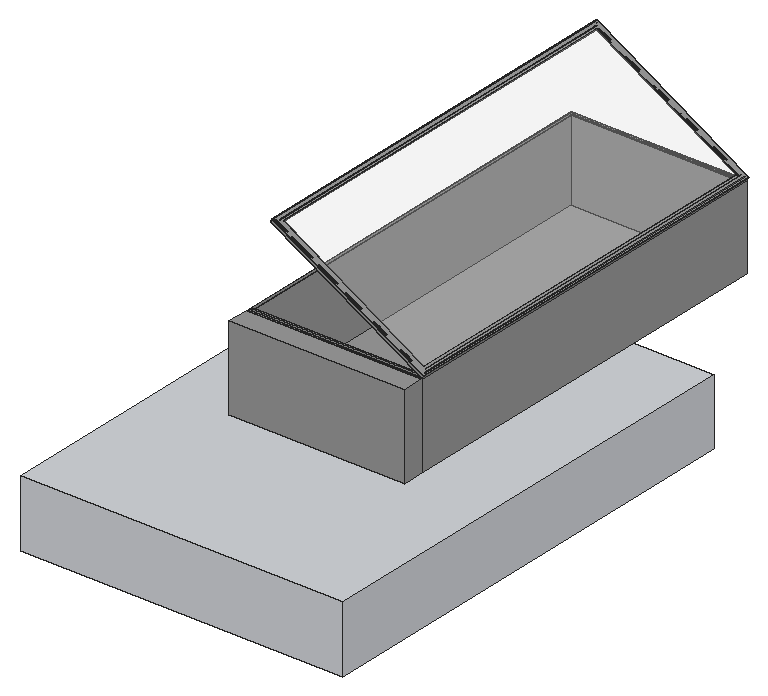
Revit family "Hager-Univers-IP55-D400-H1950-Cl.II-Steel_encl-BE-en", category Equipement électrique, Revit 2020
Family settings
  Hôte = Face
  Configuration du panneau = Deux colonnes, circuits au sein
  Cote de connecteur circulaire = Utiliser le diamètre
  Type d'élément = Tableau de raccordement
  Couper avec des vides une fois chargée = Non
  Partagée = Non
  Point de calcul de pièce = Non
Parameters (values of type "Floor installation IP55 W800 H1950 D400  - FR23U1")
  Width Control [instance] = if([EF000008 - Width] > Min Width, [EF000008 - Width], Min Width)  # 800 mm
  Commentaires du type = [HG000003 - Range]  # "Univers"
  Thickness Door [instance] = if([EF009171 - Material plate thickness door/cover] > 3 mm, 3 mm, [EF009171 - Material plate thickness door/cover])  # 1.5 mm
  Seal Frame Offset [instance] = 17 mm  # constant formula
  Plinth Visibility [instance] = [HG000027 - Plinth height] > 0 mm  # yes
  Model = ""
  Min Width [instance] = 100 mm  # constant formula
  Min Height [instance] = 100 mm  # constant formula
  Min Depth [instance] = (2 * [EF009170 - Material plate thickness cabinet]) + 1 mm  # 4 mm
  Internal Frame Depth [instance] = (Door System Depth * 0.5)  # 9 mm
  Height Control [instance] = if([EF000040 - Height] > Min Height, [EF000040 - Height], Min Height)  # 1950 mm
  HG000027 - Plinth height = 100 mm
  HG000026 - Floor standing = yes
  HG000024 - Bottom section height = 800 mm
  HG000023 - Double section enclosure = no
  HG000016 - Door 3d visibility [instance] = yes
  HG000015 - Clearance visibility [instance] = no
  HG000014 - Door on the right [instance] = yes
  HG000013 - Door on the left [instance] = not([HG000014 - Door on the right])  # no
  HG000012 - Door swing angle [instance] = 30.00°
  HG000010 - Asymmetric doors = no
  HG000009 - Double swing door = no
  HG000006 - Flush mounted = no
  HG000004 - Manufacturer reference = "FR23U1"
  HG000003 - Range = "Univers"
  HG000002 - With door or cover = yes
  Frame Offset Bottom [instance] = 10 mm  # constant formula
  Frame Offset [instance] = 15 mm  # constant formula
  EF015940 - Cover with overpressure release = no
  EF011959 - Degree of protection (NEMA) = ""
  EF009554 - Number of openings for flange plates = 6
  EF009212 - Cover model = "EV000116 - Closed"
  EF009171 - Material plate thickness door/cover = 1.5 mm
  EF009170 - Material plate thickness cabinet = 1.5 mm
  Fabricant = "Hager"  # constant formula
  EF008873 - Nominal current (In) = 800 A
  EF007800 - Suitable for lightning protection = no
  EF006306 - With lock = no
  EF006244 - Transparent cover/door = yes
  EF005474 - Degree of protection (IP) = "EV006420 - IP55"
  EF004464 - Type of door = "EV002646 - Single"
  EF004427 - Number of modules = 432
  EF004293 - Impact strength = "EV008784 - IK10"
  EF003532 - Suitable for outdoor use = no
  EF002950 - Width in number of modular spacings = 24
  EF001613 - Circuit integrity = "EV000494 - None"
  EF001596 - Material housing = "EV000179 - Steel"
  EF001131 - Internal depth = 400 mm
  EF001088 - Extension possible = yes
  EF000437 - Number of conduit inlets = 6
  EF000339 - Type of cover = "EV004216 - Door"
  EF000266 - Number of rows = 12
  EF000218 - Built-in depth = 0 mm
  EF000118 - With mounting plate = no
  EF000116 - RAL-number = "7035"
  EF000049 - Depth = 400 mm
  EF000040 - Height = 1950 mm
  EF000008 - Width = 800 mm
  EF000007 - Colour = "EV000270 - Grey"
  EF000003 - Mounting method = "EV012274 - Floor installation"
  Door System Leaf Tolerance [instance] = 1.5 mm  # constant formula
  Door System Depth [instance] = 18 mm  # constant formula
  Door Height [instance] = Height Control - [HG000027 - Plinth height]  # 1850 mm
  Depth Control [instance] = if([EF000049 - Depth] > Min Depth, [EF000049 - Depth], Min Depth)  # 400 mm
  Default Elevation = 0 mm
  Connector Offset [instance] = Height Control / 2  # 975 mm
  Bottom Top Plate Trim [instance] = 1.5 mm  # constant formula
  Plinth height Ctrl [instance] = if([HG000027 - Plinth height] > 0 mm, [HG000027 - Plinth height], 12 mm)  # 100 mm
Types (11, lengths in mm): name | Width Control | HG000010 - Asymmetric doors | HG000009 - Double swing door | HG000004 - Manufacturer reference | EF009554 - Number of openings for flange plates | EF006244 - Transparent cover/door | EF004464 - Type of door | EF004427 - Number of modules | EF000437 - Number of conduit inlets | EF000008 - Width
  Floor installation IP55 W1050 H1950 D400  - FR24H1 | 1050 | yes | yes | "FR24H1" | 8 | no | "EV003602 - Double" | 576 | 8 | 1050
  Floor installation IP55 W1050 H1950 D400  - FR24U1 | 1050 | yes | yes | "FR24U1" | 8 | yes | "EV003602 - Double" | 576 | 8 | 1050
  Floor installation IP55 W1300 H1950 D400  - FR25H1 | 1300 | yes | yes | "FR25H1" | 10 | no | "EV003602 - Double" | 720 | 10 | 1300
  Floor installation IP55 W1300 H1950 D400  - FR25U1 | 1300 | yes | yes | "FR25U1" | 10 | yes | "EV003602 - Double" | 720 | 10 | 1300
  Floor installation IP55 W1550 H1950 D400  - FR26H1 | 1550 | yes | yes | "FR26H1" | 12 | no | "EV003602 - Double" | 864 | 12 | 1550
  Floor installation IP55 W1550 H1950 D400  - FR26U1 | 1550 | yes | yes | "FR26U1" | 12 | yes | "EV003602 - Double" | 864 | 12 | 1550
  Floor installation IP55 W300 H1950 D400  - FR21H1 | 300 | no | no | "FR21H1" | 2 | no | "EV002646 - Single" | 144 | 2 | 300
  Floor installation IP55 W550 H1950 D400  - FR22H1 | 550 | no | no | "FR22H1" | 4 | no | "EV002646 - Single" | 288 | 4 | 550
  Floor installation IP55 W550 H1950 D400  - FR22U1 | 550 | no | no | "FR22U1" | 4 | yes | "EV002646 - Single" | 288 | 4 | 550
  Floor installation IP55 W800 H1950 D400  - FR23H1 | 800 | no | no | "FR23H1" | 6 | no | "EV002646 - Single" | 432 | 6 | 800
  Floor installation IP55 W800 H1950 D400  - FR23U1 | 800 | no | no | "FR23U1" | 6 | yes | "EV002646 - Single" | 432 | 6 | 800
Reference planes
  plane 1 "Center (Front/Back)": y = 0
  plane 2: z = 0
  plane 3 "Center (Left/Right)": x = 0
  plane 4: z = 400
  plane 5: y = 101.5
  plane 6: y = 1025
  plane 7: y = 100
  plane 8: y = 1950
  plane 9: z = 0
  plane 10: x = -385
  plane 11: x = 385
  plane 12: x = 383.5
  plane 13: x = -383.5
  plane 14: y = 1948.5
  plane 15: x = -383
  plane 16: x = -400
  plane 17: x = 383
  plane 18: x = 400
  plane 19: x = 398.5
  plane 20: x = -398.5
  plane 21: y = 111.5
  plane 22: y = 1950
  plane 23: y = 1933.5
  plane 24: z = 382
  plane 25: z = 1.5
  plane 26: z = 380.5
  plane 27: z = 398.5
Forms (mm)
  Extrusion 1, solid
    sketch origin (0, 0, 0) x (1, 0, 0) y (0, 1, 0)
      loop
        line (-702.964, 1305) -> (-702.964, -811.445) -> (766.763, -811.445) -> (766.763, 1305) -> (-702.964, 1305)
    from 0 to -304.8
  Extrusion 2, solid, material "Hager_Steel_RAL7035_Light_Grey", visible <- "Plinth Visibility", detail levels medium+fine
    sketch origin (0, 0, 0) x (1, 0, 0) y (0, 1, 0)
      loop
        line (-400, 0) -> (400, 0) -> (400, 100) -> (-400, 100) -> (-400, 0)
    from 0 to 382
  Extrusion 3, solid, material "Hager_Steel_RAL7035_Light_Grey", detail levels medium+fine
    sketch origin (0, 0, 0) x (1, 0, 0) y (0, 1, 0)
      loop
        line (-400, 100) -> (400, 100) -> (400, 1950) -> (-400, 1950) -> (-400, 100)
    from 0 to 382
  Extrusion 4, void
    sketch origin (0, 0, 0) x (1, 0, 0) y (0, 1, 0)
      loop
        line (-398.5, 101.5) -> (398.5, 101.5) -> (398.5, 1948.5) -> (-398.5, 1948.5) -> (-398.5, 101.5)
    from 1.5 to 380.5
  Extrusion 5, void
    sketch origin (-381.607, -4572, 382) x (0, -1, 0) y (-1, 0, 0)
      loop
        line (-4683.5, 1.893) -> (-6505.5, 1.893) -> (-6505.5, -765.107) -> (-4683.5, -765.107) -> (-4683.5, 1.893)
    from 0 to 1.5 <- "EF009170 - Material plate thickness cabinet"
  Extrusion 6, solid, material "Hager_Steel_RAL7035_Light_Grey", detail levels fine
    sketch origin (0, 0, 382) x (1, 0, 0) y (0, 1, 0)
      loop
        line (-383.5, 1933.5) -> (-383.5, 111.5) -> (383.5, 111.5) -> (383.5, 1933.5) -> (-383.5, 1933.5)
      loop
        line (-385, 110) -> (385, 110) -> (385, 1935) -> (-385, 1935) -> (-385, 110)
    from 0 to 9 <- "Internal Frame Depth"
  Extrusion 7, solid, material "Hager_Steel_RAL7035_Light_Grey", detail levels coarse
    sketch origin (0, 0, 0) x (1, 0, 0) y (0, 1, 0)
      loop
        line (-400, 0) -> (400, 0) -> (400, 1950) -> (-400, 1950) -> (-400, 0)
    from 0 to 400
  Sweep 8, void
    path in 3D
      loop
        line (-400, 100, 0) -> (400, 100, 0) -> (400, 100, 382) -> (-400, 100, 382) -> (-400, 100, 0)
    profile origin (-400, 100, 191) x (-1, 0, 0) y (0, -1, 0)
      loop
        line (0, 0) -> (0, 1.5) -> (-1.5, 1.5)
        arc (-1.5, 1.5) -> (-1.061, 0.439) -> (0, 0) r 1.5
Cuts and joins
  Extrusion 4, Extrusion 5 cuts Extrusion 3
  Sweep 8 cuts Extrusion 2
Lines and regions (mm)
  Masking region 1
    outline origin (0, 0, 0) x (1, 0, 0) y (0, 0, 1)
      loop
        line (-400, 400) -> (-400, 0) -> (400, 0) -> (400, 400) -> (-400, 400)
  Masking region 2, detail levels medium+fine
    outline origin (0, 140, 0) x (0, 1, 0) y (0, 0, 1)
      loop
        line (-40, 0) -> (1810, 0) -> (1810, 382) -> (-40, 382) -> (-40, 0)
  Masking region 3, not visible, detail levels medium+fine
    outline origin (0, 297.922, 0) x (0, 1, 0) y (0, 0, 1)
      loop
        line (738.578, 0) -> (778.578, 0) -> (778.578, 388.5)
        arc (778.578, 388.5) -> (775.649, 395.571) -> (768.578, 398.5) r 10
        line (768.578, 398.5) -> (738.578, 398.5) -> (738.578, 0)
  Masking region 4, detail levels coarse
    outline origin (0, 0, 180) x (0, 1, 0) y (0, 0, 1)
      loop
        line (0, -180) -> (1950, -180) -> (1950, 220) -> (0, 220) -> (0, -180)
  Masking region 5, visible <- "Plinth Visibility", detail levels medium+fine
    outline origin (0, 52.24, 12.345) x (0, 0, -1) y (0, 1, 0)
      loop
        line (10.845, 47.76) -> (-368.155, 47.76)
        arc (-368.155, 47.76) -> (-368.594, 46.699) -> (-369.655, 46.26) r 1.5
        line (-369.655, 46.26) -> (-369.655, -52.24) -> (12.345, -52.24) -> (12.345, 46.26)
        arc (12.345, 46.26) -> (11.285, 46.699) -> (10.845, 47.76) r 1.5
  Masking region 6, detail levels medium+fine
    outline origin (-381.607, -4572, 382) x (-1, 0, 0) y (0, -1, 0)
      loop
        line (18.393, -6522) -> (18.393, -4672) -> (-781.607, -4672) -> (-781.607, -6522) -> (18.393, -6522)
  Masking region 7, visible <- "Plinth Visibility", detail levels medium+fine
    outline origin (-381.607, -4727, 382) x (-1, 0, 0) y (0, -1, 0)
      loop
        arc (16.893, -4827) -> (17.332, -4825.939) -> (18.393, -4825.5) r 1.5
        line (18.393, -4825.5) -> (18.393, -4727) -> (-781.607, -4727) -> (-781.607, -4825.5)
        arc (-781.607, -4825.5) -> (-780.546, -4825.939) -> (-780.107, -4827) r 1.5
        line (-780.107, -4827) -> (16.893, -4827)
  Masking region 8, detail levels coarse
    outline origin (-442.548, -4669.526, 382) x (-1, 0, 0) y (0, -1, 0)
      loop
        line (-42.548, -6619.526) -> (-42.548, -4669.526) -> (-842.548, -4669.526) -> (-842.548, -6619.526) -> (-42.548, -6619.526)
  sketch lines
    curve 1: line (-400, 100, 382) -> (-400, 100, 0)
    curve 2: line (400, 100, 382) -> (-400, 100, 382)
    curve 3: line (400, 100, 382) -> (400, 100, 0)
    curve 4: line (-400, 100, 0) -> (400, 100, 0)
Dimensions and locks
  "Depth Control": plane 4 to Extrusion 1
  "HG000027 - Plinth height": plane 1 "Center (Front/Back)" to plane 7
  "EF009170 - Material plate thickness cabinet": plane 5 to plane 7
  locked: connector elem to plane 3 "Center (Left/Right)"
  equal spacing: plane 8, plane 6, plane 7
  locked: connector elem to plane 6
  "EF009170 - Material plate thickness cabinet": plane 8 to plane 14
  "EF009170 - Material plate thickness cabinet": plane 10 to plane 13
  "EF009170 - Material plate thickness cabinet": plane 12 to plane 11
  "Frame Offset": plane 20 to plane 13
  "Frame Offset": plane 12 to plane 19
  "EF009170 - Material plate thickness cabinet": plane 16 to plane 20
  "EF009170 - Material plate thickness cabinet": plane 19 to plane 18
  "Seal Frame Offset": plane 16 to plane 15
  "Seal Frame Offset": plane 17 to plane 18
  "Frame Offset Bottom": plane 21 to plane 5
  "Frame Offset": plane 14 to plane 23
  equal spacing: plane 16, plane 3 "Center (Left/Right)", plane 18
  "Width Control": plane 16 to plane 18
  "EF009170 - Material plate thickness cabinet": plane 4 to plane 27
  "EF009170 - Material plate thickness cabinet": plane 24 to plane 26
  "EF009170 - Material plate thickness cabinet": plane 25 to level
  "Door System Depth": plane 4 to plane 24
  "Height Control": plane 1 "Center (Front/Back)" to Extrusion 7 sketch curve
  "Height Control": Masking region 4 sketch curve to plane 1 "Center (Front/Back)"
  "Height Control": plane 1 "Center (Front/Back)" to plane 22
  "Bottom Top Plate Trim": profile plane to Sweep 8 sketch curve
  "Bottom Top Plate Trim": Sweep 8 sketch curve to profile plane
  "Plinth height Ctrl": plane 1 "Center (Front/Back)" to Extrusion 2 sketch curve
  "Plinth height Ctrl": Masking region 5 sketch curve to plane 1 "Center (Front/Back)"
  "Plinth height Ctrl": plane 1 "Center (Front/Back)" to Masking region 7 sketch curve
  "Thickness Door": Extrusion 6 sketch curve to Extrusion 6 sketch curve  (x3)
  "Thickness Door": cut or joined group of Extrusion 3, Extrusion 4, Extrusion 5 to Extrusion 6 sketch curve
  radius of Masking region 3 sketch curve = 10 mm
  "Bottom Top Plate Trim": radius of Masking region 5 sketch curve  (x2)
  "Bottom Top Plate Trim": radius of Sweep 8 sketch curve
  "Bottom Top Plate Trim": radius of Masking region 7 sketch curve  (x2)
  aligned and locked: plane 2 to Extrusion 1
  aligned and locked: level to Extrusion 1
  aligned and locked: level to Masking region 1 sketch curve
  aligned and locked: Masking region 1 sketch curve to plane 18
  aligned and locked: Masking region 1 sketch curve to plane 16
  aligned and locked: plane 7 to Masking region 2 sketch curve
  aligned and locked: level to Masking region 3 sketch curve
  aligned and locked: Masking region 3 sketch curve to plane 27
  aligned and locked: level to Masking region 2 sketch curve
  aligned and locked: plane 1 "Center (Front/Back)" to Extrusion 2 sketch curve
  aligned and locked: Extrusion 3 sketch curve to plane 7
  aligned and locked: plane 16 to Extrusion 3 sketch curve
  aligned and locked: plane 18 to Extrusion 3 sketch curve
  aligned and locked: plane 20 to Extrusion 4 sketch curve
  aligned and locked: plane 19 to Extrusion 4 sketch curve
  aligned and locked: Extrusion 4 sketch curve to plane 5
  aligned and locked: Extrusion 4 to plane 25
  aligned and locked: plane 26 to Extrusion 4
  aligned and locked: plane 24 to Extrusion 3
  aligned and locked: Extrusion 5 sketch curve to plane 21
  aligned and locked: Extrusion 5 sketch curve to plane 13
  aligned and locked: Extrusion 5 sketch curve to plane 12
  aligned and locked: plane 18 to Extrusion 7 sketch curve
  aligned and locked: plane 1 "Center (Front/Back)" to Extrusion 7 sketch curve
  aligned and locked: plane 16 to Extrusion 7 sketch curve
  aligned and locked: plane 4 to Extrusion 7
  aligned and locked: Extrusion 7 to level
  aligned and locked: level to Masking region 4 sketch curve
  aligned and locked: Masking region 4 sketch curve to plane 1 "Center (Front/Back)"
  aligned and locked: Masking region 4 sketch curve to plane 4
  aligned and locked: nested 1 to level
  aligned and locked: nested 1 to plane 16
  aligned and locked: plane 8 to Extrusion 3 sketch curve
  aligned and locked: plane 23 to Extrusion 5 sketch curve
  aligned and locked: plane 14 to Extrusion 4 sketch curve
  aligned and locked: Masking region 2 sketch curve to plane 8
  aligned and locked: level to Masking region 5 sketch curve
  aligned and locked: plane 16 to Extrusion 2 sketch curve
  aligned and locked: plane 18 to Extrusion 2 sketch curve
  aligned and locked: Masking region 5 sketch curve to plane 24
  aligned and locked: Masking region 2 sketch curve to plane 24
  aligned and locked: plane 24 to Extrusion 2
  aligned and locked: profile plane to Sweep 8 sketch curve  (x2)
  aligned and locked: Masking region 6 sketch curve to plane 18
  aligned and locked: Masking region 6 sketch curve to plane 22
  aligned and locked: Masking region 6 sketch curve to plane 16
  aligned and locked: plane 8 to plane 22
  aligned and locked: Masking region 6 sketch curve to plane 7
  aligned and locked: Masking region 7 sketch curve to plane 16
  aligned and locked: Masking region 7 sketch curve to plane 1 "Center (Front/Back)"
  aligned and locked: Masking region 7 sketch curve to plane 18
  aligned and locked: Masking region 8 sketch curve to plane 1 "Center (Front/Back)"
  aligned and locked: Masking region 8 sketch curve to plane 18
  aligned and locked: Masking region 8 sketch curve to plane 22
  aligned and locked: Masking region 8 sketch curve to plane 16
  aligned and locked: nested 2 to plane 7
  aligned and locked: plane 3 "Center (Left/Right)" to nested 2
  aligned and locked: nested 2 to plane 24
  aligned and locked: Extrusion 6 sketch curve to cut or joined group of Extrusion 3, Extrusion 4, Extrusion 5  (x4)
Automatic sketch dimensions
  Extrusion 1 sketch curve to Extrusion 1 sketch curve = 1469.727 mm
  Extrusion 1 sketch curve to Extrusion 1 sketch curve = 2116.445 mm
  Masking region 1 sketch curve to plane 4 = 0 mm
  plane 6 to Masking region 3 sketch curve = 11.5 mm
  Masking region 3 sketch curve to Masking region 3 sketch curve = 30 mm
  Masking region 5 sketch curve to plane 1 "Center (Front/Back)" = 0 mm
Nested families
  nested 1: "Hager_Enclosure_Symbol" at (-400, 0, 0) x (1, 0, 0) z (0, -1, 0), Height <- "Depth Control", Width <- "Width Control", type "Hager_Enclosure_Symbol"
    with Width_Ctrl 800 mm, Width 800 mm, Height_Ctrl 400 mm, Height 400 mm, A_Width_Int 26.25 mm, A_Width 315 mm, A_Height_Ctrl 350 mm, A_Height 350 mm
  nested 2: "EC000058_Univers_Door" at (0, 100, 382) x (1, 0, 0) z (0, 1, 0), Leaf_Tolerance <- "Door System Leaf Tolerance", Angle <- "HG000012 - Door swing angle", Door_Depth <- "Door System Depth", Door_Left <- "HG000013 - Door on the left", Transparent <- "EF006244 - Transparent cover/door", Assymetrical <- "HG000010 - Asymmetric doors", Width <- "Width Control", Clearance <- "HG000015 - Clearance visibility", Double <- "HG000009 - Double swing door", 3d_Door <- "HG000016 - Door 3d visibility", Lock_Visibility <- "EF006306 - With lock", Width_Ctrl <- "Width Control", Door_Right <- "HG000014 - Door on the right", Door <- "HG000002 - With door or cover", Height <- "Door Height", Thickness <- "Thickness Door", type "EC000058_Univers_Door", detail levels medium+fine
    with min_wh 4 mm, Width_Ctrl 800 mm, Width 800 mm, Transparent yes, Thickness 1.5 mm, Seal_Material Hager_Rubber, Lock_Visibility no, Lock_Material Hager_Plastic_RAL9005_Jet_Black, Leaf_Width 800 mm, Leaf_Tolerance_External_Sides 0 mm, Leaf_Tolerance 1.5 mm, Leaf_Offset 0 mm, Leaf_Height 1847 mm, Leaf_2_Width 800 mm, Leaf_2_Offset 400 mm, Leaf_1_Width 800 mm, Leaf_1_Offset 400 mm, Height_Ctrl 1850 mm, Height 1850 mm, Glass_Material Hager_Glass, Double_Clearance_Ctrl no, Double no, Door_Right_Ctrl yes, Door_Right yes, Door_Material Hager_Steel_RAL7035_Light_Grey, Door_Left_Ctrl no, Door_Left no, Door_Depth 18 mm, Door yes, Clearance_Material Hager_Clearance, Clearance_Depth 800 mm, Clearance_Ctrl no, Clearance no, Assymetrical no, Angle 30.00°, 3d_Door yes
Connectors
  electrical at (0, 1025, 0)
    settings: on plane 9, index 1, voltage 0 V, apparent load 0 VA, apparent load phase1 0 VA, apparent load phase2 0 VA, apparent load phase3 0 VA, power factor 1, load classification "Other", number of poles 1, system type 30, power factor state 1, is connector primary yes, connector utility no, sub classification motor no, connector description ""
Definition of nested family "EC000058_Univers_Door"
  Parameters (values of type "EC000058_Univers_Door")
    min_wh [instance] = (2 * Thickness) + 1 mm  # 11 mm
    Width_Ctrl [instance] = 400 mm
    Width [instance] = 500 mm
    Transparent [instance] = yes
    Thickness [instance] = 5 mm
    Seal_Material [instance] = none
    Lock_Visibility [instance] = yes
    Lock_Material [instance] = none
    Leaf_Width [instance] = if((Width_Ctrl - 2 * Leaf_Tolerance_External_Sides) > 0 mm, (Width_Ctrl - 2 * Leaf_Tolerance_External_Sides), min_wh)  # 400 mm
    Leaf_Tolerance_External_Sides [instance] = 0 mm  # constant formula
    Leaf_Tolerance [instance] = 1.5 mm
    Leaf_Offset [instance] = 0 mm  # constant formula
    Leaf_Height [instance] = if((Height_Ctrl - 2 * Leaf_Tolerance) > 0 mm, (Height_Ctrl - 2 * Leaf_Tolerance), min_wh)  # 497 mm
    Leaf_2_Width [instance] = if(and(and(Double, Assymetrical), Door_Left), (Leaf_Width / 3) - (Leaf_Tolerance / 2), if(and(and(Double, Assymetrical), Door_Right), (Leaf_Width / 3) * 2 - (Leaf_Tolerance / 2), if(and(Double, not(Assymetrical)), (Leaf_Width / 2) - Leaf_Tolerance, Leaf_Width)))  # 400 mm
    Leaf_2_Offset [instance] = if(and(Double, Assymetrical), Leaf_2_Width / 2, if(and(Double, not(Assymetrical)), Leaf_Width / 4, Leaf_Width / 2))  # 200 mm
    Leaf_1_Width [instance] = if(and(and(Double, Assymetrical), Door_Right), (Leaf_Width / 3) - (Leaf_Tolerance / 2), if(and(and(Double, Assymetrical), Door_Left), (Width / 3) * 2 - (Leaf_Tolerance / 2), if(and(Double, not(Assymetrical)), (Leaf_Width / 2) - Leaf_Tolerance, Leaf_Width)))  # 400 mm
    Leaf_1_Offset [instance] = if(and(Double, Assymetrical), Leaf_1_Width / 2, if(and(Double, not(Assymetrical)), Leaf_Width / 4, Leaf_Width / 2))  # 200 mm
    Height_Ctrl [instance] = if(Height > min_wh, Height, min_wh)  # 500 mm
    Height [instance] = 500 mm
    Glass_Material [instance] = none
    Double_Clearance_Ctrl [instance] = and(Double, Clearance)  # no
    Double [instance] = no
    Door_Right_Ctrl [instance] = and(or(Door_Right, Double), Door)  # yes
    Door_Right [instance] = yes
    Door_Material [instance] = none
    Door_Left_Ctrl [instance] = and(or(Door_Left, Double), Door)  # no
    Door_Left [instance] = no
    Door_Depth [instance] = 30 mm
    Door [instance] = yes
    Default Elevation = 1219.2 mm
    Clearance_Material [instance] = none
    Clearance_Depth [instance] = if(Leaf_1_Width > Leaf_2_Width, Leaf_1_Width, Leaf_2_Width)  # 400 mm
    Clearance_Ctrl [instance] = and(not(Double), Clearance)  # yes
    Clearance [instance] = yes
    Assymetrical [instance] = yes
    Angle [instance] = 30.00°
    3d_Door [instance] = yes
  Reference planes
    plane 1 "Center (Front/Back)": y = 0
    plane 2 "Bottom": z = 0
    plane 3 "Center (Left/Right)": x = 0
    plane 4: z = 500
    plane 5: x = -200
    plane 6: x = 200
    plane 7: z = 500
    plane 8: x = -200
    plane 9: z = 0
    plane 10: x = 200
    plane 11: y = 0
    plane 12: z = 1.5
    plane 13: x = -600
    plane 14: y = -400
    plane 15: x = 600
    plane 16: x = 0
    plane 17: x = 0
    plane 18: x = -200
    plane 19: x = 200
    plane 20: z = 498.5
  Forms (mm)
    Extrusion 1, solid, material <- "Clearance_Material", visible <- "Double_Clearance_Ctrl"
      sketch origin (1200, 0, 0) x (1, 0, 0) y (0, 0, -1)
        loop
          line (-1800, -498.5) -> (-600, -498.5) -> (-600, 0) -> (-1800, 0) -> (-1800, -498.5)
      from 0 to -400
  Dimensions and locks
    equal spacing: plane 5, plane 3 "Center (Left/Right)", plane 6
    "Width_Ctrl": plane 5 to plane 6
    "Leaf_Offset": plane 5 to plane 8
    "Leaf_Offset": plane 6 to plane 10
    "Leaf_Offset": plane 9 to level
    "Leaf_Offset": plane 4 to plane 7
    "Height_Ctrl": plane 4 to level
    "Leaf_Tolerance": plane 12 to plane 9
    locked: plane 11 to plane 1 "Center (Front/Back)"
    "Leaf_1_Offset": plane 18 to plane 16
    "Leaf_2_Offset": plane 17 to plane 19
    "Leaf_1_Width": plane 13 to plane 8
    "Leaf_2_Width": plane 10 to plane 15
    "Clearance_Depth": plane 14 to plane 1 "Center (Front/Back)"
    "Leaf_Tolerance_External_Sides": plane 8 to plane 18
    "Leaf_Tolerance_External_Sides": plane 19 to plane 10
    "Leaf_Tolerance": plane 7 to plane 20
    aligned and locked: level to plane 2 "Bottom"
    aligned and locked: nested 1 to plane 16
    aligned and locked: nested 2 to plane 17
    aligned and locked: Extrusion 1 to plane 13
    aligned and locked: plane 15 to Extrusion 1
    aligned and locked: Extrusion 1 to plane 14
    aligned and locked: plane 12 to nested 1
    aligned and locked: nested 2 to plane 12
    aligned and locked: Extrusion 1 to plane 11
    aligned and locked: plane 20 to Extrusion 1
    aligned and locked: nested 2 to plane 11
    aligned and locked: nested 1 to plane 11
  Automatic sketch dimensions
    Extrusion 1 sketch curve to level = 0 mm
    plane 5 to Extrusion 1 sketch curve = 400 mm
    plane 6 to Extrusion 1 sketch curve = 400 mm
    Extrusion 1 sketch curve to plane 4 = 1.5 mm
  Nested families
    nested 1: "EC000058_Univers_Door_Leaf" at (0, 0, 1.5), Width <- "Leaf_1_Width", visible <- "Door_Left_Ctrl", Leaf_Height <- "Leaf_Height", Angle <- "Angle", 3d_Door <- "3d_Door", Transparent <- "Transparent", Clearance Material <- "Clearance_Material", Clearance <- "Clearance_Ctrl", Door_Material <- "Door_Material", Glass_Material <- "Glass_Material", Door_Depth <- "Door_Depth", Lock_Material <- "Lock_Material", Seal_Material <- "Seal_Material", Lock_Visibility <- "Lock_Visibility", Thickness <- "Thickness", type "EC000058_Univers_Door_Leaf"
      with Width 400 mm, Transparent_Glass_Offset 30 mm, Transparent_Ctrl yes, Transparent yes, Thickness 5 mm, Standard no, Seal_Material none, Seal_D2 8 mm, Seal_D1 1 mm, Offset_Internal_Frame 10 mm, Lock_Width 20 mm, Lock_Visibility_3d yes, Lock_Visibility yes, Lock_Thickness_3 3 mm, Lock_Thickness_2 1 mm, Lock_Thickness_1 3 mm, Lock_Radius_Offset_2 16 mm, Lock_Radius_Offset_1 15 mm, Lock_Radius_2 5 mm, Lock_Radius 6 mm, Lock_Offset 5 mm, Lock_Material none, Lock_Height 80 mm, Lock_Cover_Top_Offset_2d 17 mm, Lock_Cover_Height -65 mm, Leaf_Height 497 mm, Internal_Seal_Thickness 8 mm, Internal_Seal_Depth_2 4.5 mm, Internal_Frame_Depth 25 mm, Glass_Thickness -1 mm, Glass_Offset -2 mm, Glass_Material none, Door_Material none, Door_Depth 30 mm, Clearance Material none, Clearance yes, Angle_Ctrl 30.00°, Angle 30.00°, 3d_Door yes
    nested 2: "EC000058_Univers_Door_Leaf" at (0, 0, 1.5) x (-1, 0, 0) z (0, 0, 1), Width <- "Leaf_2_Width", visible <- "Door_Right_Ctrl", Leaf_Height <- "Leaf_Height", Angle <- "Angle", 3d_Door <- "3d_Door", Transparent <- "Transparent", Clearance Material <- "Clearance_Material", Clearance <- "Clearance_Ctrl", Door_Material <- "Door_Material", Glass_Material <- "Glass_Material", Door_Depth <- "Door_Depth", Lock_Material <- "Lock_Material", Seal_Material <- "Seal_Material", Lock_Visibility <- "Lock_Visibility", Thickness <- "Thickness", type "EC000058_Univers_Door_Leaf"
      with Width 400 mm, Transparent_Glass_Offset 30 mm, Transparent_Ctrl yes, Transparent yes, Thickness 5 mm, Standard no, Seal_Material none, Seal_D2 8 mm, Seal_D1 1 mm, Offset_Internal_Frame 10 mm, Lock_Width 20 mm, Lock_Visibility_3d yes, Lock_Visibility yes, Lock_Thickness_3 3 mm, Lock_Thickness_2 1 mm, Lock_Thickness_1 3 mm, Lock_Radius_Offset_2 16 mm, Lock_Radius_Offset_1 15 mm, Lock_Radius_2 5 mm, Lock_Radius 6 mm, Lock_Offset 5 mm, Lock_Material none, Lock_Height 80 mm, Lock_Cover_Top_Offset_2d 17 mm, Lock_Cover_Height -65 mm, Leaf_Height 497 mm, Internal_Seal_Thickness 8 mm, Internal_Seal_Depth_2 4.5 mm, Internal_Frame_Depth 25 mm, Glass_Thickness -1 mm, Glass_Offset -2 mm, Glass_Material none, Door_Material none, Door_Depth 30 mm, Clearance Material none, Clearance yes, Angle_Ctrl 30.00°, Angle 30.00°, 3d_Door yes
  Definition of nested family "EC000058_Univers_Door_Leaf"
    Parameters (values of type "EC000058_Univers_Door_Leaf")
      Width [instance] = 2000 mm
      Transparent_Glass_Offset [instance] = 30 mm
      Transparent_Ctrl [instance] = and(Transparent, [3d_Door])  # yes
      Transparent [instance] = yes
      Thickness [instance] = 5 mm
      Standard [instance] = and(not(Transparent), [3d_Door])  # no
      Seal_Material [instance] = none
      Seal_D2 [instance] = 8 mm  # constant formula
      Seal_D1 [instance] = 1 mm  # constant formula
      Offset_Internal_Frame [instance] = 10 mm  # constant formula
      Lock_Width [instance] = 20 mm  # constant formula
      Lock_Visibility_3d [instance] = and(Lock_Visibility, [3d_Door])  # yes
      Lock_Visibility [instance] = yes
      Lock_Thickness_3 [instance] = 3 mm  # constant formula
      Lock_Thickness_2 [instance] = 1 mm  # constant formula
      Lock_Thickness_1 [instance] = 3 mm  # constant formula
      Lock_Radius_Offset_2 [instance] = Lock_Radius_Offset_1 + 1 mm  # 16 mm
      Lock_Radius_Offset_1 [instance] = 15 mm  # constant formula
      Lock_Radius_2 [instance] = Lock_Radius - 1 mm  # 5 mm
      Lock_Radius [instance] = 6 mm  # constant formula
      Lock_Offset [instance] = 5 mm  # constant formula
      Lock_Material [instance] = none
      Lock_Height [instance] = 80 mm  # constant formula
      Lock_Cover_Top_Offset_2d [instance] = Lock_Radius_Offset_2 + 1 mm  # 17 mm
      Lock_Cover_Height [instance] = -(Lock_Height - Lock_Radius_Offset_1)  # -65 mm
      Leaf_Height [instance] = 2720.336 mm
      Internal_Seal_Thickness [instance] = 8 mm  # constant formula
      Internal_Seal_Depth_2 [instance] = 4.5 mm  # constant formula
      Internal_Frame_Depth [instance] = if(Door_Depth - Thickness > 5 mm, Door_Depth - Thickness, 5 mm)  # 25 mm
      Glass_Thickness [instance] = if(Thickness > 15 mm, Glass_Offset + 10 mm, -1 mm)  # -1 mm
      Glass_Offset [instance] = if(Thickness > 15 mm, -(Thickness + 10 mm) / 2, -2 mm)  # -2 mm
      Glass_Material [instance] = none
      Door_Material [instance] = none
      Door_Depth [instance] = 30 mm
      Default Elevation = 0 mm
      Clearance Material [instance] = none
      Clearance [instance] = yes
      Angle_Ctrl [instance] = if(Angle > 180.00°, 180.00°, Angle)  # 90.00°
      Angle [instance] = 90.00°
      3d_Door [instance] = yes
    Reference planes
      plane 1 "Center (Front/Back)": y = 0
      plane 2: z = 0
      plane 3 "Center (Left/Right)": x = 0
      plane 4: y = 2000
      plane 5: x = -1000
      plane 6: x = 1000
      plane 7: x = -3000
      plane 8: z = 2720.336
      plane 9: z = 30
      plane 10: z = 2690.336
      plane 11: x = 970
      plane 12: x = -970
      plane 13: y = -3
      plane 14: z = 107.833
      plane 15: y = -5
      plane 16: y = -223.314
      plane 17: x = -1000
      plane 18: z = 1360.168
      plane 19: y = 30
    Forms (mm)
      Extrusion 1, solid, material <- "Clearance Material", visible <- "Clearance"
        sketch origin (0, 0, 0) x (1, 0, 0) y (0, 0, 1)
          loop
            line (-3000, 2720.336) -> (-3000, 0) -> (1000, 0) -> (1000, 2720.336) -> (-3000, 2720.336)
        from 0 to -2000
      Extrusion 2, solid, material <- "Door_Material", visible <- "Standard", detail levels medium+fine
        sketch origin (-1000, 0, 0) x (0, 1, 0) y (-1, 0, 0)
          loop
            line (0, 30) -> (0, 25) -> (2000, 25) -> (2000, 30) -> (0, 30)
        from 0 to 2720.336 <- "Leaf_Height"
      Extrusion 3, solid, material <- "Door_Material", visible <- "Transparent_Ctrl", detail levels medium+fine
        sketch origin (-1000, 0, 0) x (0, 1, 0) y (-1, 0, 0)
          loop
            line (0, 25) -> (2000, 25) -> (2000, 30) -> (0, 30) -> (0, 25)
        from 0 to 2720.336 <- "Leaf_Height"
      Extrusion 4, void
        sketch origin (-1025, 2000, 0) x (0, 1, 0) y (0, 0, -1)
          loop
            line (-30, -2690.336) -> (-30, -30) -> (-1970, -30) -> (-1970, -2690.336) -> (-30, -2690.336)
        from 0 to 5 <- "Thickness"
      Sweep 5, solid, material <- "Seal_Material", visible <- "Transparent_Ctrl", detail levels fine
        path in 3D
          loop
            line (-1025, 30, 30) -> (-1025, 30, 2690.336) -> (-1025, 1970, 2690.336) -> (-1025, 1970, 30) -> (-1025, 30, 30)
        profile origin (-1025, 1000, 30) x (1, 0, 0) y (0, 0, 1)
          loop
            line (0, 0) -> (0, -8) -> (1, -8) -> (1, 0) -> (0, 0)
      Extrusion 6, solid, material <- "Glass_Material", visible <- "Transparent_Ctrl", detail levels medium+fine
        sketch origin (-1030, 0, 0) x (0, 1, 0) y (0, 0, -1)
          loop
            line (1970, -2690.336) -> (1970, -30) -> (30, -30) -> (30, -2690.336) -> (1970, -2690.336)
        from -2 <- "Glass_Offset" to -1 <- "Glass_Thickness"
      Extrusion 7, solid, material <- "Door_Material", visible <- "3d_Door", detail levels medium+fine
        sketch origin (-1025, 2000, 0) x (0, -1, 0) y (0, 0, -1)
          loop
            line (0, -2720.336) -> (2000, -2720.336) -> (2000, 0) -> (0, 0) -> (0, -2720.336)
          loop
            line (1995, -5) -> (5, -5) -> (5, -2715.336) -> (1995, -2715.336) -> (1995, -5)
        from 0 to 25 <- "Internal_Frame_Depth"
      Sweep 8, solid, material <- "Seal_Material", visible <- "Transparent_Ctrl", detail levels fine
        path in 3D
          loop
            line (-1025, 0, 0) -> (-1025, 2000, 0) -> (-1025, 2000, 2720.336) -> (-1025, 0, 2720.336) -> (-1025, 0, 0)
        profile origin (-1025, 0, 1360.168) x (1, 0, 0) y (0, 1, 0)
          loop
            line (0, 10) -> (2.975, 10)
            arc (2.975, 10) -> (4.053, 10.447) -> (4.5, 11.525) r 1.525
            line (4.5, 11.525) -> (4.5, 16.527)
            arc (4.5, 16.527) -> (4.069, 17.569) -> (3.027, 18) r 1.473
            line (3.027, 18) -> (0, 18) -> (0, 10)
      Extrusion 9, solid, material <- "Lock_Material", visible <- "Lock_Visibility_3d", detail levels fine
        sketch origin (-1030, 0, 0) x (0, 1, 0) y (0, 0, -1)
          loop
            arc (1993.5, -1400.168) -> (1994.561, -1399.729) -> (1995, -1398.668) r 1.5
            line (1995, -1398.668) -> (1995, -1320.168) -> (1975, -1320.168) -> (1975, -1398.668)
            arc (1975, -1398.668) -> (1975.439, -1399.729) -> (1976.5, -1400.168) r 1.5
            line (1976.5, -1400.168) -> (1993.5, -1400.168)
        from 3 <- "Lock_Thickness_1" to 0
      Blend 10, solid, material <- "Lock_Material", visible <- "Lock_Visibility_3d", detail levels fine
        base sketch origin (-1033, 0, 0) x (0, 1, 0) y (0, 0, -1)
          loop
            line (1975, -1320.168) -> (1975, -1398.668)
            arc (1975, -1398.668) -> (1975.439, -1399.729) -> (1976.5, -1400.168) r 1.5
            line (1976.5, -1400.168) -> (1993.5, -1400.168)
            arc (1993.5, -1400.168) -> (1994.561, -1399.729) -> (1995, -1398.668) r 1.5
            line (1995, -1398.668) -> (1995, -1320.168) -> (1975, -1320.168)
        top sketch origin (-1033, 0, 0) x (0, 1, 0) y (0, 0, -1)
          loop
            line (1976, -1320.168) -> (1976, -1398.668)
            arc (1976, -1398.668) -> (1976.146, -1399.022) -> (1976.5, -1399.168) r 0.5
            line (1976.5, -1399.168) -> (1993.5, -1399.168)
            arc (1993.5, -1399.168) -> (1993.854, -1399.022) -> (1994, -1398.668) r 0.5
            line (1994, -1398.668) -> (1994, -1320.168) -> (1976, -1320.168)
        from 0 to 1 <- "Lock_Thickness_2"
      Blend 11, solid, material <- "Lock_Material", visible <- "Lock_Visibility_3d", detail levels fine
        base sketch origin (-1034, 0, 0) x (0, 1, 0) y (0, 0, -1)
          loop
            line (1978, -1320.168) -> (1978, -1384.168)
            arc (1978, -1384.168) -> (1985, -1391.168) -> (1992, -1384.168) r 7
            line (1992, -1384.168) -> (1992, -1320.168) -> (1978, -1320.168)
        top sketch origin (-1034, 0, 0) x (0, 1, 0) y (0, 0, -1)
          loop
            line (1991, -1320.168) -> (1979, -1320.168) -> (1979, -1383.168)
            arc (1979, -1383.168) -> (1985, -1389.168) -> (1991, -1383.168) r 6
            line (1991, -1383.168) -> (1991, -1320.168)
        from 0 to 3 <- "Lock_Thickness_3"
      Extrusion 12, solid, material <- "Lock_Material", visible <- "Lock_Visibility_3d", detail levels fine
        sketch origin (-1030, 1975, 1320.168) x (1, 0, 0) y (0, -1, 0)
          loop
            line (-7, -19) -> (-7, -1) -> (0, -1) -> (0, 0) -> (-8, 0) -> (-8, -20) -> (0, -20) -> (0, -19) -> (-7, -19)
        from 0 to -65 <- "Lock_Cover_Height"
      Extrusion 13, void
        sketch origin (-1038, 1995, 1320.168) x (-1, 0, 0) y (0, 0, -1)
          loop
            line (-5, -65) -> (0, -65) -> (-5, -60) -> (-5, -65)
        from 0 to 20 <- "Lock_Width"
      Extrusion 14, void
        sketch origin (-1038, 1975, 1320.168) x (0, -1, 0) y (0, 0, -1)
          loop
            circle (-10, -15.995) r 6
          loop
            circle (-10, -15.995) r 5
        from 0 to 2
      Extrusion 15, solid, material <- "Lock_Material", visible <- "Lock_Visibility_3d", detail levels medium
        sketch origin (-1030, 0, 0) x (0, 1, 0) y (0, 0, -1)
          loop
            arc (1993.5, -1400.168) -> (1994.561, -1399.729) -> (1995, -1398.668) r 1.5
            line (1995, -1398.668) -> (1995, -1320.168) -> (1975, -1320.168) -> (1975, -1398.668)
            arc (1975, -1398.668) -> (1975.439, -1399.729) -> (1976.5, -1400.168) r 1.5
            line (1976.5, -1400.168) -> (1993.5, -1400.168)
        from 8 to 0
    Cuts and joins
      Extrusion 4 cuts Extrusion 3
      Extrusion 13, Extrusion 14 cuts Extrusion 9
      Extrusion 14 cuts Blend 11
      Extrusion 13, Extrusion 14 cuts Extrusion 12
      joined: Extrusion 9, Blend 10, Blend 11, Extrusion 12
      Extrusion 14 cuts Extrusion 15
    Lines and regions (mm)
      Masking region 1, visible <- "Lock_Visibility", detail levels fine
        outline origin (0, 0, 0) x (0, 1, 0) y (0, 0, 1)
          loop
            line (30, 1320.168) -> (33, 1320.168) -> (33, 1400.168) -> (30, 1400.168) -> (30, 1320.168)
      Masking region 2, visible <- "Lock_Visibility", detail levels fine
        outline origin (0, 3.143, 0) x (0, 1, 0) y (0, 0, 1)
          loop
            line (29.857, 1354.168) -> (30.857, 1354.168) -> (30.857, 1366.168) -> (29.857, 1366.168) -> (29.857, 1354.168)
      Masking region 3, detail levels medium+fine
        outline origin (0, 0, 0) x (0, 1, 0) y (0, 0, 1)
          loop
            line (0, 0) -> (30, 0) -> (30, 2720.336) -> (0, 2720.336) -> (0, 0)
      Masking region 4, detail levels medium+fine
        outline origin (0, 0, 0) x (1, 0, 0) y (0, 0, 1)
          loop
            line (-1000, 2720.336) -> (-1000, 0) -> (1000, 0) -> (1000, 2720.336) -> (-1000, 2720.336)
      Masking region 5, visible <- "Lock_Visibility", detail levels fine
        outline origin (-47.116, 0, 0) x (1, 0, 0) y (0, 0, 1)
          loop
            arc (1024.616, 1399.168) -> (1023.556, 1398.729) -> (1023.116, 1397.668) r 1.5
            line (1023.116, 1397.668) -> (1023.116, 1320.168) -> (1041.116, 1320.168) -> (1041.116, 1397.668)
            arc (1041.116, 1397.668) -> (1040.677, 1398.729) -> (1039.616, 1399.168) r 1.5
            line (1039.616, 1399.168) -> (1024.616, 1399.168)
      Masking region 6, visible <- "Lock_Visibility", detail levels medium+fine
        outline origin (-25, 0, 0) x (1, 0, 0) y (0, 0, 1)
          loop
            arc (1001.5, 1400.168) -> (1000.439, 1399.729) -> (1000, 1398.668) r 1.5
            line (1000, 1398.668) -> (1000, 1320.168) -> (1020, 1320.168) -> (1020, 1398.668)
            arc (1020, 1398.668) -> (1019.561, 1399.729) -> (1018.5, 1400.168) r 1.5
            line (1018.5, 1400.168) -> (1001.5, 1400.168)
      Masking region 7, visible <- "Lock_Visibility", detail levels fine
        outline origin (-73.735, 0, 0) x (1, 0, 0) y (0, 0, 1)
          loop
            line (1051.735, 1382.168) -> (1065.735, 1382.168) -> (1065.735, 1384.168)
            arc (1065.735, 1384.168) -> (1058.735, 1391.168) -> (1051.735, 1384.168) r 7
            line (1051.735, 1384.168) -> (1051.735, 1382.168)
      Masking region 8, visible <- "Lock_Visibility", detail levels fine
        outline origin (-73.735, 0, 0) x (1, 0, 0) y (0, 0, 1)
          loop
            line (1052.735, 1382.168) -> (1064.735, 1382.168) -> (1064.735, 1383.168)
            arc (1064.735, 1383.168) -> (1058.735, 1389.168) -> (1052.735, 1383.168) r 6
            line (1052.735, 1383.168) -> (1052.735, 1382.168)
      Masking region 9, visible <- "Lock_Visibility", detail levels fine
        outline origin (-25, 0, 0) x (1, 0, 0) y (0, 0, 1)
          loop
            line (1020, 1320.168) -> (1020, 1382.168) -> (1000, 1382.168) -> (1000, 1320.168) -> (1020, 1320.168)
      Masking region 10, detail levels medium+fine
        outline origin (0, 0, 0) x (1, 0, 0) y (0, 0, 1)
          loop
            circle (985, 1335.144) r 6
      Masking region 11, detail levels fine
        outline origin (0, 0, 0) x (1, 0, 0) y (0, 0, 1)
          loop
            circle (985, 1335.144) r 5
      Masking region 12, visible <- "Lock_Visibility", detail levels fine
        outline origin (0, 12.767, 0) x (0, 1, 0) y (0, 0, 1)
          loop
            line (20.233, 1320.168) -> (21.233, 1320.168) -> (21.233, 1399.168) -> (20.233, 1400.168) -> (20.233, 1320.168)
      Masking region 13, visible <- "Lock_Visibility", detail levels fine
        outline origin (0, 13.767, -10) x (0, 1, 0) y (0, 0, 1)
          loop
            line (20.233, 1330.168) -> (23.233, 1330.168) -> (23.233, 1399.168) -> (20.233, 1402.168) -> (20.233, 1330.168)
      Masking region 14, visible <- "Lock_Visibility", detail levels fine
        outline origin (0, 12.767, -10) x (0, 1, 0) y (0, 0, 1)
          loop
            line (20.233, 1330.168) -> (25.233, 1330.168) -> (25.233, 1399.305) -> (20.233, 1394.305) -> (20.233, 1330.168)
      Masking region 15, visible <- "Lock_Visibility", detail levels medium
        outline origin (0, 0, 0) x (0, 1, 0) y (0, 0, 1)
          loop
            line (30, 1320.168) -> (38, 1320.168) -> (38, 1400.168) -> (30, 1400.168) -> (30, 1320.168)
      Masking region 16, visible <- "Lock_Visibility", detail levels fine
        outline origin (-1000, 0, 0) x (0, 1, 0) y (-1, 0, 0)
          loop
            line (1975, 30) -> (1995, 30) -> (1995, 38) -> (1975, 38) -> (1975, 30)
          loop
            line (1979, 37) -> (1976, 37) -> (1976, 34) -> (1978, 34) -> (1979, 37)
          loop
            line (1994, 37) -> (1991, 37) -> (1992, 34) -> (1994, 34) -> (1994, 37)
      Masking region 17, visible <- "Lock_Visibility", detail levels medium
        outline origin (-1000, 0, 0) x (0, 1, 0) y (-1, 0, 0)
          loop
            line (1975, 30) -> (1995, 30) -> (1995, 38) -> (1975, 38) -> (1975, 30)
      symbolic lines
        curve 1: line (1000, 0, 0) -> (-3000, 0, 0)
        curve 2: arc (1000, 0, 0) -> (-1000, 2000, 0) -> (-3000, 0, 0) r 2000
        curve 4: line (-1030, 0, 0) -> (-1030, 2000, 0)
      reference lines
        curve 3: line (-1000, 0, 0) -> (-1000, 2000, 0)
      symbolic lines, detail levels medium+fine
        curve 5: line (-1030, 2000, 0) -> (-1025, 2000, 0)
        curve 7: line (-1025, 0, 0) -> (-1030, 0, 0)
        curve 8: line (-1025, 0, 0) -> (-1000, 0, 0)
        curve 9: line (-1000, 0, 0) -> (-1000, 2000, 0)
        curve 10: line (-1000, 2000, 0) -> (-1025, 2000, 0)
      symbolic lines, detail levels fine
        curve 6: line (-1025, 2000, 0) -> (-1025, 0, 0)
      sketch lines
        curve 11: line (-1025, 0, 2720.336) -> (-1025, 0, 0)
        curve 12: line (-1025, 2000, 0) -> (-1025, 0, 0)
        curve 13: line (-1025, 2000, 2720.336) -> (-1025, 2000, 0)
        curve 14: line (-1025, 0, 2720.336) -> (-1025, 2000, 2720.336)
        curve 15: line (-1025, 1970, 30) -> (-1025, 30, 30)
        curve 16: line (-1025, 30, 30) -> (-1025, 30, 2690.336)
        curve 17: line (-1025, 1970, 2690.336) -> (-1025, 1970, 30)
        curve 18: line (-1025, 30, 2690.336) -> (-1025, 1970, 2690.336)
      symbolic lines, visible <- "Transparent", detail levels medium+fine
        curve 19: line (-970, 0, 2690.336) -> (970, 0, 2690.336)
        curve 20: line (-970, 0, 30) -> (-970, 0, 2690.336)
        curve 21: line (970, 0, 30) -> (-970, 0, 30)
        curve 22: line (970, 0, 2690.336) -> (970, 0, 30)
    Dimensions and locks
      "Width": plane 1 "Center (Front/Back)" to plane 4
      equal spacing: plane 5, plane 3 "Center (Left/Right)", plane 6
      "Width": plane 5 to plane 6
      "Width": plane 7 to plane 5
      "Leaf_Height": plane 8 to level
      "Width": curve 5 to curve 3
      "Width": curve 3 to curve 3
      plane 8 to plane 10 = 30 mm
      plane 9 to level = 30 mm
      plane 12 to plane 5 = 30 mm
      plane 6 to plane 11 = 30 mm
      Extrusion 1 to Extrusion 4 sketch curve = 30 mm
      "Transparent_Glass_Offset": curve 3 to Extrusion 4 sketch curve
      "Transparent_Glass_Offset": Extrusion 4 sketch curve to cut or joined group of Extrusion 3, Extrusion 4  (x2)
      cut or joined group of Extrusion 3, Extrusion 4 to Extrusion 6 sketch curve = 30 mm
      "Transparent_Glass_Offset": cut or joined group of Extrusion 3, Extrusion 4 to Extrusion 4 sketch curve
      "Thickness": curve 6 to curve 4
      "Thickness": Extrusion 7 sketch curve to Extrusion 7 sketch curve  (x4)
      "Door_Depth": curve 4 to curve 3
      "Offset_Internal_Frame": profile plane to Sweep 8 sketch curve
      "Internal_Seal_Thickness": Sweep 8 sketch curve to Sweep 8 sketch curve
      "Internal_Seal_Depth_2": profile plane to Sweep 8 sketch curve
      "Seal_D1": profile plane to Sweep 5 sketch curve
      "Seal_D2": profile plane to Sweep 5 sketch curve
      "Thickness": Extrusion 2 sketch curve to Extrusion 2 sketch curve
      equal spacing: Extrusion 9 sketch curve, plane 18, Extrusion 9 sketch curve  (x2)
      equal spacing: Masking region 1 sketch curve, plane 18, Masking region 1 sketch curve
      "Lock_Height": Masking region 1 sketch curve to Masking region 1 sketch curve
      "Lock_Radius": Masking region 2 sketch curve to plane 18 to Masking region 2 sketch curve
      Masking region 2 sketch curve to Masking region 1 = 1 mm
      "Door_Depth": plane 19 to plane 1 "Center (Front/Back)"
      "Lock_Thickness_1": Masking region 1 sketch curve to plane 19
      "Lock_Width": Extrusion 9 sketch curve to Extrusion 9 sketch curve
      "Lock_Height": Extrusion 9 sketch curve to Extrusion 9 sketch curve
      "Lock_Offset": cut or joined group of Extrusion 3, Extrusion 4 to Extrusion 9 sketch curve
      equal spacing: plane 8, plane 18, level
      "Lock_Radius_Offset_1": Blend 11 sketch curve to Blend 10
      locked: Blend 10 to Blend 11 sketch curve at 2  (x2)
      locked: var sketch to Blend 11 sketch curve at 1  (x2)
      "Lock_Radius_Offset_2": Blend 11 sketch curve to Blend 10
      locked: Extrusion 12 sketch curve to Extrusion 12 sketch curve at 1  (x3)
      Masking region 6 sketch curve to Masking region 6 sketch curve = 80 mm
      "Lock_Height": Masking region 6 sketch curve to Masking region 6 sketch curve
      "Lock_Width": Masking region 6 sketch curve to Masking region 6 sketch curve
      locked: Masking region 6 to Masking region 5 sketch curve at 1  (x3)
      locked: Masking region 5 to Masking region 7 sketch curve at 2  (x2)
      "Lock_Radius_Offset_1": Masking region 5 to Masking region 7 sketch curve
      "Lock_Radius_Offset_2": Masking region 5 to Masking region 8 sketch curve
      locked: Masking region 7 to Masking region 8 sketch curve at 1  (x2)
      "Lock_Cover_Top_Offset_2d": Masking region 5 to Masking region 9 sketch curve
      equal spacing: Masking region 9, Masking region 10 sketch curve, Masking region 9
      equal spacing: Masking region 9, Masking region 11 sketch curve, Masking region 9
      Extrusion 15 sketch curve to Extrusion 15 sketch curve = 80 mm
      "Lock_Width": Extrusion 15 sketch curve to Extrusion 15 sketch curve
      "Lock_Height": Extrusion 15 sketch curve to Extrusion 15 sketch curve
      equal spacing: Extrusion 15 sketch curve, plane 18, Extrusion 15 sketch curve
      "Lock_Thickness_3": Masking region 13 sketch curve to Masking region 13 sketch curve
      "Lock_Height": Masking region 12 sketch curve to Masking region 12 sketch curve
      locked: Masking region 13 sketch curve to Masking region 1 at 8
      locked: Masking region 14 sketch curve to Masking region 13 at 1
      locked: Masking region 14 sketch curve to Masking region 1 at 10.863
      "Lock_Height": Masking region 15 sketch curve to Masking region 15 sketch curve
      "Lock_Offset": Extrusion 15 sketch curve to cut or joined group of Extrusion 3, Extrusion 4
      "Lock_Offset": plane 6 to Masking region 6 sketch curve
      radius of Sweep 8 sketch curve = 1.525 mm
      radius of Sweep 8 sketch curve = 1.473 mm
      radius of Extrusion 9 sketch curve = 1.5 mm  (x2)
      "Lock_Radius": radius of Extrusion 14 sketch curve
      "Lock_Radius_2": radius of Extrusion 14 sketch curve
      "Lock_Radius": radius of Masking region 10 sketch curve
      "Lock_Radius_2": radius of Masking region 11 sketch curve
      radius of Extrusion 15 sketch curve = 1.5 mm  (x2)
      "Angle_Ctrl": angle plane 1 "Center (Front/Back)" to curve 3
      locked: Masking region 12 sketch curve to Masking region 12 sketch curve (angle 45.00°)
      locked: Masking region 13 sketch curve to Masking region 13 sketch curve (angle 45.00°)
      locked: Masking region 14 sketch curve to Masking region 14 sketch curve (angle 45.00°)
      aligned and locked: level to plane 2
      aligned and locked: Extrusion 1 to curve 1
      aligned and locked: plane 6 to Extrusion 1
      aligned and locked: Extrusion 1 to plane 1 "Center (Front/Back)"
      aligned and locked: plane 4 to Extrusion 1
      aligned and locked: plane 8 to Extrusion 1
      aligned and locked: curve 7 to Extrusion 2 sketch curve
      aligned and locked: curve 5 to Extrusion 2 sketch curve
      aligned and locked: curve 7 to Extrusion 3 sketch curve
      aligned and locked: Extrusion 3 sketch curve to curve 4
      aligned and locked: Extrusion 3 sketch curve to curve 6
      aligned and locked: Extrusion 3 sketch curve to curve 5
      aligned and locked: curve 9 to curve 3
      aligned and locked: Extrusion 7 sketch curve to cut or joined group of Extrusion 3, Extrusion 4  (x4)
      aligned and locked: plane 17 to curve 3
      aligned and locked: plane 1 "Center (Front/Back)" to curve 3
      aligned and locked: plane 17 to plane 5
      aligned and locked: Sweep 8 sketch curve to profile plane
      aligned and locked: Sweep 5 sketch curve to profile plane  (x2)
      aligned and locked: Masking region 1 to Masking region 2 sketch curve
      aligned and locked: plane 19 to Masking region 1 sketch curve
      aligned and locked: plane 1 "Center (Front/Back)" to Masking region 3 sketch curve
      aligned and locked: plane 19 to Masking region 3 sketch curve
      aligned and locked: level to Masking region 3 sketch curve
      aligned and locked: Masking region 3 sketch curve to plane 8
      aligned and locked: plane 17 to Masking region 4 sketch curve
      aligned and locked: level to Masking region 4 sketch curve
      aligned and locked: Masking region 4 sketch curve to plane 8
      aligned and locked: plane 12 to curve 20
      aligned and locked: plane 10 to curve 19
      aligned and locked: plane 11 to curve 22
      aligned and locked: curve 21 to plane 9
      aligned and locked: Extrusion 2 sketch curve to cut or joined group of Extrusion 3, Extrusion 4
      aligned and locked: Blend 10 sketch curve to Extrusion 9  (x4)
      aligned and locked: Extrusion 9 to Blend 10 sketch curve
      aligned and locked: Blend 10 to Blend 11 sketch curve
      aligned and locked: Extrusion 12 sketch curve to Blend 11
      aligned and locked: Extrusion 12 sketch curve to Extrusion 9  (x4)
      aligned and locked: Masking region 5 sketch curve to Masking region 6
      aligned and locked: Masking region 9 sketch curve to Masking region 6  (x3)
      aligned and locked: Masking region 12 sketch curve to Masking region 1
      aligned and locked: Masking region 13 sketch curve to Masking region 1
      aligned and locked: Masking region 12 to Masking region 14
      aligned and locked: Masking region 14 sketch curve to Masking region 1
      aligned and locked: Masking region 15 sketch curve to Masking region 14
      aligned and locked: Masking region 13 sketch curve to Masking region 12
      aligned and locked: Masking region 16 sketch curve to cut or joined group of Extrusion 14, Extrusion 15  (x4)
      aligned and locked: Masking region 16 sketch curve to cut or joined group of Extrusion 9, Blend 10, Blend 11, Extrusion 12, Extrusion 13, Extrusion 14  (x6)
      aligned and locked: cut or joined group of Extrusion 9, Blend 10, Blend 11, Extrusion 12, Extrusion 13, Extrusion 14 to Masking region 16 sketch curve
      aligned and locked: Masking region 17 sketch curve to cut or joined group of Extrusion 14, Extrusion 15  (x3)
      aligned and locked: Masking region 17 sketch curve to cut or joined group of Extrusion 9, Blend 10, Blend 11, Extrusion 12, Extrusion 13, Extrusion 14
      aligned and locked: Masking region 9 to Masking region 8 sketch curve
      aligned and locked: Masking region 9 to Masking region 7 sketch curve
    Automatic sketch dimensions
      plane 1 "Center (Front/Back)" to curve 2 = 0 mm
      curve 2 to plane 5 = 0 mm
      Extrusion 1 sketch curve to level = 0 mm
      Extrusion 1 sketch curve to plane 7 = 0 mm
      Extrusion 1 sketch curve to plane 6 = 0 mm
      Extrusion 1 sketch curve to plane 8 = 0 mm
      Extrusion 3 to Extrusion 6 sketch curve = 30 mm  (x4)
      Masking region 4 sketch curve to plane 6 = 0 mm
      Blend 10 sketch curve to Extrusion 9 = 1.5 mm
      Blend 10 sketch curve to Extrusion 9 = 1 mm
      Extrusion 13 sketch curve to Extrusion 12 = 0 mm  (x2)
      Extrusion 12 to Extrusion 13 sketch curve = 3 mm
      Extrusion 13 sketch curve to Extrusion 12 = 5 mm
      Extrusion 14 sketch curve to Extrusion 14 sketch curve = 0 mm  (x2)
      Extrusion 14 sketch curve to Extrusion 12 = 10 mm
      Extrusion 14 sketch curve to Extrusion 12 = 15.995 mm
      Masking region 5 sketch curve to Masking region 5 sketch curve = 1.5 mm  (x2)
      Masking region 10 sketch curve to plane 18 = 25.024 mm
      Masking region 11 sketch curve to plane 18 = 25.024 mm
      plane 19 to Masking region 14 sketch curve = 3 mm
      Masking region 16 sketch curve to Masking region 16 sketch curve = 3 mm
      curve 4 to curve 3 = 0 mm
      Blend 10 to Blend 11 sketch curve = 0 mm
      Masking region 6 sketch curve to Masking region 6 sketch curve = 1.5 mm  (x2)
      Masking region 6 sketch curve to plane 18 = 40 mm
      plane 19 to Masking region 12 sketch curve = 3 mm
      Masking region 12 sketch curve to Masking region 12 sketch curve = 1 mm
      Masking region 15 sketch curve to plane 19 = 0 mm
      Masking region 15 sketch curve to plane 18 = 40 mm
      radius of Blend 10 sketch curve to Extrusion 9 = 1 mm
Definition of nested family "Hager_Enclosure_Symbol"
  Parameters (values of type "Hager_Enclosure_Symbol")
    Width_Ctrl [instance] = if(Width > 1 mm, Width, 1 mm)  # 102.27 mm
    Width [instance] = 102.27 mm
    Height_Ctrl [instance] = if(Height > 1 mm, Height, 1 mm)  # 66.5 mm
    A_Width_Int [instance] = if(A_Width / 12 > 2 mm, A_Width / 12, 2 mm)  # 4.364 mm
    A_Width [instance] = if(A_Height_Ctrl * 0.9 > 2 mm, A_Height_Ctrl * 0.9, 2 mm)  # 52.369 mm
    A_Height_Ctrl [instance] = if(A_Height > 2 mm, A_Height, 2 mm)  # 58.188 mm
    Height [instance] = 66.5 mm
    A_Height [instance] = Height - (Height / 8)  # 58.188 mm
  Reference planes
    plane 1 "Centre (avant/arrière)": y = 0
    plane 2: z = 0
    plane 3 "Centre (gauche/droite)": x = 0
    plane 4: x = 52.369
    plane 5: y = 33.042
    plane 6: y = 41.77
    plane 7: y = 66.5
    plane 8: x = 26.184
    plane 9: y = 37.406
    plane 10: x = 102.27
    plane 11: y = 66.5
    plane 12: y = 8.313
  Lines and regions (mm)
    Filled region 1, type "Solid_Black", in view "Niveau de réf."
      outline origin (0, 0, 0) x (1, 0, 0) y (0, 1, 0)
        loop
          line (52.369, 66.5) -> (33.188, 54.536) -> (45.365, 45.006) -> (52.369, 66.5)
    Filled region 2, type "Solid_Black", in view "Niveau de réf."
      outline origin (0, 0, 0) x (1, 0, 0) y (0, 1, 0)
        loop
          line (0, 0) -> (102.27, 0) -> (102.27, 66.5) -> (0, 0)
    detail lines, in view "Niveau de réf."
      curve 1: line (0, 8.313, 0) -> (26.184, 41.77, 0)
      curve 2: line (26.184, 41.77, 0) -> (26.184, 33.042, 0)
      curve 3: line (26.184, 33.042, 0) -> (52.369, 66.5, 0)
  Dimensions and locks
    "A_Width": plane 3 "Centre (gauche/droite)" to plane 4
    equal spacing: plane 3 "Centre (gauche/droite)", plane 8, plane 4
    equal spacing: plane 6, plane 9, plane 5
    equal spacing: curve 3, Filled region 1 sketch curve, Filled region 1 sketch curve
    "Height_Ctrl": plane 1 "Centre (avant/arrière)" to plane 11
    "A_Height_Ctrl": plane 11 to plane 12
    equal spacing: plane 11, plane 9, plane 12
    "A_Width_Int": plane 6 to plane 9
    "Width_Ctrl": plane 3 "Centre (gauche/droite)" to plane 10
    angle Filled region 1 sketch curve to curve 3 = 20.00°
    angle curve 3 to Filled region 1 sketch curve = 20.00°
    locked: curve 3 to Filled region 1 sketch curve (angle 90.00°)
    aligned and locked: plane 10 to Filled region 2
    aligned and locked: plane 11 to Filled region 2 sketch curve
    aligned and locked: plane 10 to Filled region 2 sketch curve
    aligned and locked: plane 3 "Centre (gauche/droite)" to curve 1
    aligned and locked: plane 12 to curve 1
    aligned and locked: plane 7 to plane 11
  Automatic sketch dimensions
    Filled region 1 sketch curve to plane 4 = 0 mm
    Filled region 1 sketch curve to plane 7 = 0 mm
    plane 1 "Centre (avant/arrière)" to Filled region 2 sketch curve = 0 mm
    Filled region 2 sketch curve to plane 3 "Centre (gauche/droite)" = 0 mm
    curve 2 to plane 6 = 0 mm
    curve 2 to plane 8 = 0 mm
    curve 3 to plane 4 = 0 mm
    curve 2 to plane 5 = 0 mm
    curve 3 to plane 7 = 0 mm
